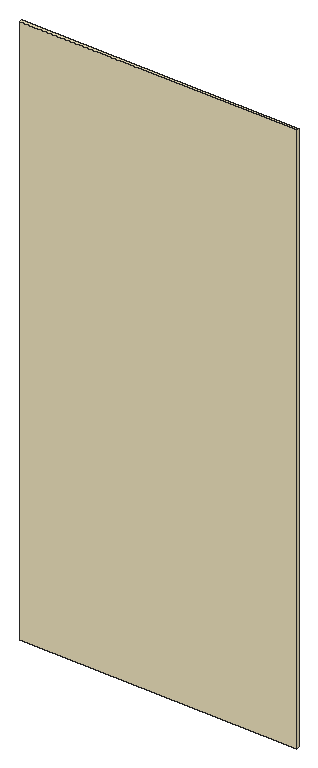
Revit family "American Oak Veneer Circles", category Generic Models, Revit 2017
Family settings
  Can host rebar = No
  Round Connector Dimension = Use Diameter
  Part Type = Normal
  Work Plane-Based = No
  Always vertical = Yes
  Cut with Voids When Loaded = No
  Shared = Yes
  Room Calculation Point = No
Parameters (values of type "2400 x 1200")
  Raw Finish Code = "EX24 AO-CIR"  # constant formula
  Material = none
  URL = "https://www.easycraft.com.au/products/253/expression-series"
  Panel_width = 1200 mm  # constant formula
  Panel_thickness = 10 mm  # constant formula
  Model = "Expression Series - Circles"  # constant formula
  Manufacturer = "Easycraft Australia Pty Ltd ph 07 3906 7200"  # constant formula
  Panel_height = 2400 mm  # constant formula
  Description = "American Oak Veneer"  # constant formula
  Clear Finish Code = "EX24 AO-CIR-CF"  # constant formula
  Assembly Code = ""
Reference planes
  plane 1 "Center (Front/Back)": y = 0
  plane 2: z = 0
  plane 3 "Center (Left/Right)": x = 0
  plane 4 "Panel face": y = -10
  plane 5: z = 2400
Forms (mm)
  Extrusion 1, solid, material "American Oak Veneer"
    sketch origin (0, 0, 0) x (1, 0, 0) y (0, 1, 0)
      loop
        line (0, 0) -> (0, -10) -> (1200, -10) -> (1200, 0) -> (0, 0)
    from 0 to 2400
Lines and regions (mm)
  model lines, style "easycraft expressions pattern"
    curve 1: circle (341.97, -10, 1294.19) r 253.912 normal (0, -1, 0)
    curve 2: circle (680.52, -10, 1648.34) r 221.288 normal (0, -1, 0)
    curve 3: circle (598.12, -10, 430.57) r 213.856 normal (0, -1, 0)
    curve 4: circle (925.01, -10, 1322.83) r 180.794 normal (0, -1, 0)
    curve 5: circle (816.13, -10, 840.4) r 176.893 normal (0, -1, 0)
    curve 6: circle (493.43, -10, 903.62) r 139.799 normal (0, -1, 0)
    curve 7: circle (1010.29, -10, 1826.35) r 139.799 normal (0, -1, 0)
    curve 8: circle (351.75, -10, 1946.22) r 139.799 normal (0, -1, 0)
    curve 9: circle (878.16, -10, 2203.52) r 139.799 normal (0, -1, 0)
    curve 10: circle (344.44, -10, 680.58) r 122.332 normal (0, -1, 0)
    curve 11: arc (796.047, -10, 2400) -> (889.1, -10, 2352.883) -> (982.153, -10, 2400) r 115.447
    curve 12: circle (936.95, -10, 432.06) r 111.864 normal (0, -1, 0)
    curve 13: circle (887.69, -10, 142.73) r 111.669 normal (0, -1, 0)
    curve 14: circle (263.65, -10, 438.99) r 106.653 normal (0, -1, 0)
    curve 15: arc (989.924, -10, 2400) -> (1083.75, -10, 2253.832) -> (1177.576, -10, 2400) r 103.198
    curve 16: circle (1096.1, -10, 2071.56) r 102.885 normal (0, -1, 0)
    curve 17: circle (101.53, -10, 2072.49) r 100.994 normal (0, -1, 0)
    curve 18: circle (350.01, -10, 1684.04) r 100.406 normal (0, -1, 0)
    curve 19: circle (682, -10, 1156.88) r 99.335 normal (0, -1, 0)
    curve 20: circle (249.86, -10, 927.87) r 97.717 normal (0, -1, 0)
    curve 21: circle (809.48, -10, 1960.75) r 87.661 normal (0, -1, 0)
    curve 22: circle (192.19, -10, 2313.52) r 83.468 normal (0, -1, 0)
    curve 23: circle (165.49, -10, 1669.12) r 76.396 normal (0, -1, 0)
    curve 24: circle (989.71, -10, 1031.58) r 71.905 normal (0, -1, 0)
    curve 25: circle (566.08, -10, 2009.8) r 70 normal (0, -1, 0)
    curve 26: circle (990.65, -10, 1577.16) r 69.938 normal (0, -1, 0)
    curve 27: circle (922.46, -10, 615.56) r 66.095 normal (0, -1, 0)
    curve 28: circle (1131.4, -10, 1006.89) r 64.735 normal (0, -1, 0)
    curve 29: circle (256.55, -10, 2146.13) r 61.797 normal (0, -1, 0)
    curve 30: circle (81.46, -10, 1003.36) r 61.666 normal (0, -1, 0)
    curve 31: circle (846.72, -10, 1086.64) r 59.98 normal (0, -1, 0)
    curve 32: circle (528.55, -10, 700.87) r 57.589 normal (0, -1, 0)
    curve 33: circle (707.76, -10, 2082.45) r 57.037 normal (0, -1, 0)
    curve 34: circle (681.91, -10, 160.71) r 52.796 normal (0, -1, 0)
    curve 35: circle (649.49, -10, 1367.19) r 50.736 normal (0, -1, 0)
    curve 36: circle (170.87, -10, 1868.27) r 50.557 normal (0, -1, 0)
    curve 37: circle (942.7, -10, 2015.33) r 49.881 normal (0, -1, 0)
    curve 38: circle (1058.04, -10, 200.43) r 47.277 normal (0, -1, 0)
    curve 39: circle (801.05, -10, 608.12) r 47.345 normal (0, -1, 0)
    curve 40: circle (194.24, -10, 292.7) r 46.093 normal (0, -1, 0)
    curve 41: circle (1074.45, -10, 1127.66) r 44.218 normal (0, -1, 0)
    curve 42: circle (636.89, -10, 690.35) r 44.11 normal (0, -1, 0)
    curve 43: circle (1152.37, -10, 1338.25) r 43.672 normal (0, -1, 0)
    curve 44: circle (240.93, -10, 1788.65) r 43.409 normal (0, -1, 0)
    curve 45: circle (838.13, -10, 300.34) r 41.86 normal (0, -1, 0)
    curve 46: circle (289.01, -10, 277.66) r 41.503 normal (0, -1, 0)
    curve 47: circle (671.43, -10, 1920.79) r 40.827 normal (0, -1, 0)
    curve 48: circle (47.21, -10, 1340.92) r 40.678 normal (0, -1, 0)
    curve 49: circle (196.57, -10, 141.2) r 39.226 normal (0, -1, 0)
    curve 50: circle (183.16, -10, 1542.83) r 38.603 normal (0, -1, 0)
    curve 51: circle (1143.55, -10, 1251.81) r 37.994 normal (0, -1, 0)
    curve 52: circle (364.41, -10, 320.16) r 37.7 normal (0, -1, 0)
    curve 53: circle (452.54, -10, 1793.72) r 37.689 normal (0, -1, 0)
    curve 54: circle (115.57, -10, 1102.8) r 37.174 normal (0, -1, 0)
    curve 55: circle (554.74, -10, 1083.91) r 36.965 normal (0, -1, 0)
    curve 56: circle (1037.12, -10, 926.81) r 36.732 normal (0, -1, 0)
    curve 57: circle (175.09, -10, 1049.81) r 36.307 normal (0, -1, 0)
    curve 58: circle (601.71, -10, 97.02) r 36.004 normal (0, -1, 0)
    curve 59: circle (615.13, -10, 1034.86) r 35.908 normal (0, -1, 0)
    curve 60: circle (40.22, -10, 1257.65) r 35.819 normal (0, -1, 0)
    curve 61: circle (522.4, -10, 1868.69) r 35.685 normal (0, -1, 0)
    curve 62: circle (1076.61, -10, 490.46) r 34.764 normal (0, -1, 0)
    curve 63: circle (126.05, -10, 490.9) r 34.662 normal (0, -1, 0)
    curve 64: circle (233.97, -10, 217.58) r 34.616 normal (0, -1, 0)
    curve 65: circle (218.87, -10, 577.75) r 33.836 normal (0, -1, 0)
    curve 66: circle (590.08, -10, 178.51) r 33.701 normal (0, -1, 0)
    curve 67: circle (689.19, -10, 1018.57) r 32.888 normal (0, -1, 0)
    curve 68: circle (105.86, -10, 1931.78) r 32.488 normal (0, -1, 0)
    curve 69: circle (1079.74, -10, 1653.73) r 31.811 normal (0, -1, 0)
    curve 70: circle (680.25, -10, 49.58) r 31.005 normal (0, -1, 0)
    curve 71: circle (247.38, -10, 1593.37) r 30.93 normal (0, -1, 0)
    curve 72: circle (593.33, -10, 1900.81) r 30.882 normal (0, -1, 0)
    curve 73: circle (165.88, -10, 2195.27) r 30.9 normal (0, -1, 0)
    curve 74: circle (610.16, -10, 767.59) r 30.366 normal (0, -1, 0)
    curve 75: circle (97.11, -10, 1824.77) r 30.288 normal (0, -1, 0)
    curve 76: circle (632.54, -10, 1283.12) r 29.964 normal (0, -1, 0)
    curve 77: circle (707.25, -10, 1292.63) r 29.496 normal (0, -1, 0)
    curve 78: circle (110.95, -10, 1763.52) r 28.123 normal (0, -1, 0)
    curve 79: circle (169.87, -10, 1954.96) r 27.825 normal (0, -1, 0)
    curve 80: circle (722.37, -10, 650.25) r 27.497 normal (0, -1, 0)
    curve 81: circle (102.55, -10, 2223.83) r 27.525 normal (0, -1, 0)
    curve 82: circle (983.15, -10, 288.05) r 27.357 normal (0, -1, 0)
    curve 83: circle (134.37, -10, 228.39) r 27.317 normal (0, -1, 0)
    curve 84: circle (761.84, -10, 1047.63) r 27.161 normal (0, -1, 0)
    curve 85: circle (1146.81, -10, 467.64) r 26.734 normal (0, -1, 0)
    curve 86: circle (436.85, -10, 1569.01) r 26.706 normal (0, -1, 0)
    curve 87: circle (356.12, -10, 1008.63) r 26.326 normal (0, -1, 0)
    curve 88: circle (750.61, -10, 79.43) r 26.195 normal (0, -1, 0)
    curve 89: circle (245.78, -10, 799.65) r 25.192 normal (0, -1, 0)
    curve 90: circle (921.8, -10, 284.91) r 25.088 normal (0, -1, 0)
    curve 91: circle (373.02, -10, 529.53) r 24.727 normal (0, -1, 0)
    curve 92: circle (171.13, -10, 535.65) r 24.446 normal (0, -1, 0)
    curve 93: circle (765.75, -10, 251.44) r 24.193 normal (0, -1, 0)
    curve 94: circle (986.18, -10, 30.69) r 23.972 normal (0, -1, 0)
    curve 95: circle (1102.01, -10, 1199.93) r 24.015 normal (0, -1, 0)
    curve 96: circle (939.89, -10, 1666.89) r 23.925 normal (0, -1, 0)
    curve 97: circle (848.74, -10, 546.8) r 23.193 normal (0, -1, 0)
    curve 98: circle (61.97, -10, 1675.2) r 23.073 normal (0, -1, 0)
    curve 99: circle (725.53, -10, 1395.94) r 22.944 normal (0, -1, 0)
    curve 100: circle (793.28, -10, 28.85) r 22.819 normal (0, -1, 0)
    curve 101: circle (1080.9, -10, 422.27) r 22.756 normal (0, -1, 0)
    curve 102: circle (81.86, -10, 2276.28) r 22.557 normal (0, -1, 0)
    curve 103: arc (751.006, -10, 2400) -> (770.61, -10, 2366.357) -> (790.214, -10, 2400) r 22.533
    curve 104: circle (29.68, -10, 471.39) r 22.365 normal (0, -1, 0)
    curve 105: circle (215.12, -10, 62.74) r 22.164 normal (0, -1, 0)
    curve 106: circle (164.83, -10, 1786.13) r 22.222 normal (0, -1, 0)
    curve 107: circle (1043.46, -10, 320.07) r 21.826 normal (0, -1, 0)
    curve 108: circle (338.48, -10, 835.37) r 21.331 normal (0, -1, 0)
    curve 109: circle (298.54, -10, 1568.95) r 20.463 normal (0, -1, 0)
    curve 110: circle (225.97, -10, 2056.57) r 20.513 normal (0, -1, 0)
    curve 111: circle (87.61, -10, 187.13) r 20.439 normal (0, -1, 0)
    curve 112: circle (805.89, -10, 2352.43) r 20.185 normal (0, -1, 0)
    curve 113: circle (593.79, -10, 1416.95) r 20.047 normal (0, -1, 0)
    curve 114: circle (673.25, -10, 1991.63) r 20 normal (0, -1, 0)
    curve 115: circle (342.67, -10, 2116.96) r 20 normal (0, -1, 0)
    curve 116: circle (758.62, -10, 2336.74) r 20 normal (0, -1, 0)
    curve 117: circle (150.09, -10, 354.56) r 19.585 normal (0, -1, 0)
    curve 118: circle (1059.72, -10, 369.37) r 19.336 normal (0, -1, 0)
    curve 119: circle (1028.66, -10, 119.21) r 19.213 normal (0, -1, 0)
    curve 120: circle (89.08, -10, 443.69) r 19.17 normal (0, -1, 0)
    curve 121: circle (720.77, -10, 1348.26) r 19.07 normal (0, -1, 0)
    curve 122: circle (87.46, -10, 1879.3) r 18.572 normal (0, -1, 0)
    curve 123: circle (80.13, -10, 1720.25) r 18.333 normal (0, -1, 0)
    curve 124: circle (48.03, -10, 1748.84) r 18.021 normal (0, -1, 0)
    curve 125: circle (136.02, -10, 164.58) r 17.393 normal (0, -1, 0)
    curve 126: circle (51.8, -10, 1851.62) r 16.801 normal (0, -1, 0)
    curve 127: circle (295.86, -10, 815.33) r 16.091 normal (0, -1, 0)
    curve 128: circle (233.42, -10, 1044.51) r 16.01 normal (0, -1, 0)
    curve 129: circle (66.07, -10, 1784.49) r 16 normal (0, -1, 0)
    curve 130: circle (135.25, -10, 403.53) r 15.74 normal (0, -1, 0)
    curve 131: circle (97.43, -10, 1165.22) r 15.435 normal (0, -1, 0)
    curve 132: circle (80.01, -10, 1206.6) r 15.148 normal (0, -1, 0)
    curve 133: circle (391.55, -10, 1567.4) r 14.756 normal (0, -1, 0)
    curve 134: circle (758.15, -10, 198.55) r 14.706 normal (0, -1, 0)
    curve 135: circle (735.84, -10, 2369.22) r 14.414 normal (0, -1, 0)
    curve 136: circle (721.42, -10, 229.16) r 14.188 normal (0, -1, 0)
    curve 137: circle (348.15, -10, 1567.01) r 13.383 normal (0, -1, 0)
    curve 138: circle (243.16, -10, 1545.09) r 13.069 normal (0, -1, 0)
    curve 139: arc (714.614, -10, 2400) -> (727.47, -10, 2385.779) -> (740.326, -10, 2400) r 12.921
    curve 140: circle (71.94, -10, 491.58) r 12.291 normal (0, -1, 0)
    curve 141: circle (506.98, -10, 1816.1) r 11.632 normal (0, -1, 0)
    curve 142: circle (473.42, -10, 1847.89) r 11.632 normal (0, -1, 0)
    curve 143: circle (524.31, -10, 1926.24) r 11.632 normal (0, -1, 0)
    curve 144: circle (479.19, -10, 2061.09) r 11.632 normal (0, -1, 0)
    curve 145: circle (138.22, -10, 1809.66) r 9.732 normal (0, -1, 0)
    curve 146: circle (143.48, -10, 1581.54) r 9.25 normal (0, -1, 0)
    curve 147: circle (269.94, -10, 1551.86) r 8.764 normal (0, -1, 0)
    curve 148: circle (53.24, -10, 1714.66) r 6.889 normal (0, -1, 0)
    curve 149: circle (204.45, -10, 1589.28) r 6.78 normal (0, -1, 0)
    curve 150: circle (57.26, -10, 1818.47) r 5.46 normal (0, -1, 0)
    curve 151: arc (1200, -10, 177.875) -> (1074.224, -10, 125.776) -> (1022.125, -10, 0) r 177.875
    curve 152: arc (0, -10, 194.643) -> (124.247, -10, 318.89) -> (0, -10, 443.137) r 124.247
    curve 153: arc (1200, -10, 443.137) -> (1075.753, -10, 318.89) -> (1200, -10, 194.643) r 124.247
    curve 154: arc (177.875, -10, 0) -> (125.776, -10, 125.776) -> (0, -10, 177.875) r 177.875
    curve 155: arc (263.787, -10, -1.44) -> (233.67, -10, 30.841) -> (202.08, -10, 0) r 30.87
    curve 156: arc (686.416, -10, 0) -> (608.57, -10, 32.515) -> (530.724, -10, 0) r 109.445
    curve 157: arc (524.109, -10, 0) -> (400.61, -10, 263.387) -> (277.111, -10, 0) r 160.647
    curve 158: arc (0, -10, 1067.132) -> (78.198, -10, 1145.33) -> (0, -10, 1223.528) r 78.198
    curve 159: arc (1200, -10, 1223.528) -> (1121.802, -10, 1145.33) -> (1200, -10, 1067.132) r 78.198
    curve 160: arc (0, -10, 1662.385) -> (43.485, -10, 1705.87) -> (0, -10, 1749.355) r 43.485
    curve 161: arc (1200, -10, 1749.355) -> (1156.515, -10, 1705.87) -> (1200, -10, 1662.385) r 43.485
    curve 162: arc (0, -10, 1751.946) -> (49.174, -10, 1801.12) -> (0, -10, 1850.294) r 49.174
    curve 163: arc (1200, -10, 1850.294) -> (1150.826, -10, 1801.12) -> (1200, -10, 1751.946) r 49.174
    curve 164: arc (0, -10, 1855.718) -> (69.262, -10, 1924.98) -> (0, -10, 1994.242) r 69.262
    curve 165: arc (1200, -10, 1994.242) -> (1130.738, -10, 1924.98) -> (1200, -10, 1855.718) r 69.262
    curve 166: arc (0, -10, 2154.469) -> (65.531, -10, 2220) -> (0, -10, 2285.531) r 65.531
    curve 167: arc (1200, -10, 2285.531) -> (1134.469, -10, 2220) -> (1200, -10, 2154.469) r 65.531
    curve 168: arc (0, -10, 498.712) -> (221.288, -10, 720) -> (0, -10, 941.288) r 221.288
    curve 169: arc (1200, -10, 941.288) -> (978.712, -10, 720) -> (1200, -10, 498.712) r 221.288
    curve 170: arc (0, -10, 1380.201) -> (139.799, -10, 1520) -> (0, -10, 1659.799) r 139.799
    curve 171: arc (1200, -10, 1659.799) -> (1060.201, -10, 1520) -> (1200, -10, 1380.201) r 139.799
    curve 172: arc (302.394, -10, 2400) -> (504.33, -10, 2088.212) -> (706.266, -10, 2400) r 221.288
    curve 173: arc (248.108, -10, 2400) -> (271.55, -10, 2380.63) -> (294.992, -10, 2400) r 23.87
    curve 174: arc (17.861, -10, 2400) -> (56.23, -10, 2305.003) -> (94.599, -10, 2400) r 55.247
Dimensions and locks
  "Panel_height": plane 5 to plane 2
  "Panel_thickness": plane 4 "Panel face" to plane 1 "Center (Front/Back)"
  "Panel_width": Extrusion 1 to plane 3 "Center (Left/Right)"
  aligned and locked: level to plane 2
  aligned and locked: Extrusion 1 to level
  aligned and locked: plane 4 "Panel face" to Extrusion 1
  aligned and locked: Extrusion 1 to plane 5
Automatic sketch dimensions
  Extrusion 1 sketch curve to plane 3 "Center (Left/Right)" = 0 mm
  plane 4 "Panel face" to Extrusion 1 sketch curve = 0 mm
  plane 1 "Center (Front/Back)" to Extrusion 1 sketch curve = 0 mm
  Extrusion 1 sketch curve to Extrusion 1 sketch curve = 1200 mm
  curve 158 to plane 3 "Center (Left/Right)" = 0 mm
  curve 160 to plane 3 "Center (Left/Right)" = 0 mm
  curve 170 to plane 3 "Center (Left/Right)" = 0 mm
  curve 168 to plane 3 "Center (Left/Right)" = 0 mm
  curve 166 to plane 3 "Center (Left/Right)" = 0 mm
  curve 152 to plane 3 "Center (Left/Right)" = 0 mm
  curve 164 to plane 3 "Center (Left/Right)" = 0 mm
  curve 162 to plane 3 "Center (Left/Right)" = 0 mm
  curve 154 to level = 0 mm
  curve 154 to plane 3 "Center (Left/Right)" = 0 mm
  curve 155 to level = 0 mm
  curve 157 to level = 0 mm  (x2)
  curve 156 to level = 0 mm  (x2)
  curve 151 to level = 0 mm
  plane 3 "Center (Left/Right)" to curve 104 = 29.68 mm
  plane 3 "Center (Left/Right)" to curve 60 = 40.22 mm
  plane 3 "Center (Left/Right)" to curve 48 = 47.21 mm
  plane 3 "Center (Left/Right)" to curve 124 = 48.03 mm
  plane 3 "Center (Left/Right)" to curve 126 = 51.8 mm
  curve 124 to curve 148 = 5.21 mm
  curve 126 to curve 150 = 5.46 mm
  curve 148 to curve 98 = 8.73 mm
  curve 150 to curve 129 = 8.81 mm
  curve 104 to curve 140 = 42.26 mm
  curve 60 to curve 132 = 39.79 mm
  curve 148 to curve 123 = 26.89 mm
  plane 3 "Center (Left/Right)" to curve 30 = 81.46 mm
  plane 3 "Center (Left/Right)" to curve 102 = 81.86 mm
  curve 126 to curve 122 = 35.66 mm
  plane 3 "Center (Left/Right)" to curve 111 = 87.61 mm
  curve 140 to curve 120 = 17.14 mm
  curve 150 to curve 75 = 39.85 mm
  curve 132 to curve 131 = 17.42 mm
  plane 3 "Center (Left/Right)" to curve 17 = 101.53 mm
  curve 102 to curve 81 = 20.69 mm
  curve 122 to curve 68 = 18.4 mm
  curve 129 to curve 78 = 44.88 mm
  curve 131 to curve 54 = 18.14 mm
  curve 140 to curve 63 = 54.11 mm
  curve 111 to curve 83 = 46.76 mm
  curve 120 to curve 130 = 46.17 mm
  curve 111 to curve 125 = 48.41 mm
  curve 75 to curve 145 = 41.11 mm
  curve 98 to curve 146 = 81.51 mm
  curve 130 to curve 117 = 14.84 mm
  curve 145 to curve 106 = 26.61 mm
  curve 146 to curve 23 = 22.01 mm
  curve 81 to curve 73 = 63.33 mm
  curve 68 to curve 79 = 64.01 mm
  curve 145 to curve 36 = 32.65 mm
  curve 63 to curve 92 = 45.08 mm
  curve 54 to curve 57 = 59.52 mm
  curve 146 to curve 50 = 39.68 mm
  curve 102 to curve 22 = 110.33 mm
  curve 117 to curve 40 = 44.15 mm
  curve 125 to curve 49 = 60.55 mm
  curve 50 to curve 149 = 21.29 mm
  curve 49 to curve 105 = 18.55 mm
  curve 92 to curve 65 = 47.74 mm
  curve 79 to curve 110 = 56.1 mm
  curve 155 to level = 0.02 mm
  curve 105 to curve 155 = 17.83 mm
  curve 57 to curve 128 = 58.33 mm
  curve 40 to curve 64 = 39.73 mm
  curve 106 to curve 44 = 76.1 mm
  curve 149 to curve 138 = 38.71 mm
  curve 65 to curve 89 = 26.91 mm
  curve 149 to curve 71 = 42.93 mm
  curve 128 to curve 20 = 16.44 mm
  curve 110 to curve 29 = 30.58 mm
  curve 130 to curve 14 = 128.4 mm
  curve 138 to curve 147 = 26.78 mm
  curve 64 to curve 46 = 55.04 mm
  curve 89 to curve 127 = 50.08 mm
  curve 147 to curve 109 = 28.6 mm
  curve 127 to curve 108 = 42.62 mm
  curve 147 to curve 1 = 72.03 mm
  curve 29 to curve 115 = 86.12 mm
  curve 127 to curve 10 = 48.58 mm
  curve 109 to curve 137 = 49.61 mm
  curve 137 to curve 18 = 1.86 mm
  curve 110 to curve 8 = 125.78 mm
  curve 128 to curve 87 = 122.7 mm
  curve 46 to curve 52 = 75.4 mm
  curve 14 to curve 91 = 109.37 mm
  curve 137 to curve 133 = 43.4 mm
  curve 105 to curve 157 = 185.49 mm
  curve 133 to curve 86 = 45.3 mm
  curve 18 to curve 53 = 102.53 mm
  curve 53 to curve 142 = 20.88 mm
  curve 115 to curve 144 = 136.52 mm
  curve 108 to curve 6 = 154.95 mm
  plane 5 to curve 172 = 90.5 mm
  curve 144 to curve 172 = 25.14 mm
  curve 142 to curve 141 = 33.56 mm
  curve 142 to curve 61 = 48.98 mm
  curve 61 to curve 143 = 1.91 mm
  curve 10 to curve 32 = 184.11 mm
  curve 6 to curve 55 = 61.31 mm
  curve 143 to curve 25 = 41.77 mm
  curve 157 to curve 66 = 189.47 mm
  curve 143 to curve 72 = 69.02 mm
  curve 86 to curve 113 = 156.94 mm
  curve 91 to curve 3 = 225.1 mm
  curve 66 to curve 58 = 11.63 mm
  curve 156 to level = 76.93 mm
  curve 58 to curve 156 = 6.86 mm
  curve 32 to curve 74 = 81.61 mm
  curve 55 to curve 59 = 60.39 mm
  curve 113 to curve 76 = 38.75 mm
  curve 74 to curve 42 = 26.73 mm
  curve 113 to curve 35 = 55.7 mm
  curve 72 to curve 47 = 78.1 mm
  curve 47 to curve 114 = 1.82 mm
  curve 58 to curve 70 = 78.54 mm
  curve 141 to curve 2 = 173.54 mm
  curve 66 to curve 34 = 91.83 mm
  curve 76 to curve 19 = 49.46 mm
  curve 59 to curve 67 = 74.06 mm
  curve 76 to curve 77 = 74.71 mm
  curve 114 to curve 33 = 34.51 mm
  curve 77 to curve 121 = 13.52 mm
  curve 34 to curve 136 = 39.51 mm
  curve 42 to curve 80 = 85.48 mm
  curve 121 to curve 99 = 4.76 mm
  plane 5 to curve 139 = 1.3 mm
  curve 172 to curve 139 = 223.14 mm
  curve 139 to curve 135 = 8.37 mm
  curve 70 to curve 88 = 70.36 mm
  curve 136 to curve 134 = 36.73 mm
  curve 135 to curve 116 = 22.78 mm
  curve 67 to curve 84 = 72.65 mm
  curve 136 to curve 93 = 44.33 mm
  level to curve 100 = 28.85 mm
  curve 88 to curve 100 = 42.67 mm
  curve 80 to curve 39 = 78.68 mm
  curve 116 to curve 112 = 47.27 mm
  curve 114 to curve 21 = 136.23 mm
  curve 80 to curve 5 = 93.76 mm
  curve 93 to curve 45 = 72.38 mm
  curve 84 to curve 31 = 84.88 mm
  curve 39 to curve 97 = 47.69 mm
  curve 112 to curve 9 = 72.27 mm
  curve 134 to curve 13 = 129.54 mm
  curve 11 to plane 5 = 68.33 mm
  curve 45 to curve 90 = 83.67 mm
  curve 97 to curve 27 = 73.72 mm
  curve 121 to curve 4 = 204.24 mm
  curve 97 to curve 12 = 88.21 mm
  curve 2 to curve 96 = 259.37 mm
  curve 21 to curve 37 = 133.22 mm
  curve 90 to curve 82 = 61.35 mm
  level to curve 94 = 30.69 mm
  curve 13 to curve 94 = 98.49 mm
  curve 31 to curve 24 = 142.99 mm
  curve 96 to curve 26 = 50.76 mm
  curve 96 to curve 7 = 70.4 mm
  curve 94 to curve 119 = 42.48 mm
  curve 24 to curve 56 = 47.41 mm
  curve 82 to curve 107 = 60.31 mm
  curve 119 to curve 38 = 29.38 mm
  curve 107 to curve 118 = 16.26 mm
  curve 24 to curve 41 = 84.74 mm
  curve 118 to curve 62 = 16.89 mm
  curve 26 to curve 69 = 89.09 mm
  curve 118 to curve 101 = 21.18 mm
  plane 5 to curve 15 = 42.97 mm
  curve 11 to curve 15 = 194.65 mm
  curve 37 to curve 16 = 153.4 mm
  curve 41 to curve 95 = 27.56 mm
  curve 56 to curve 28 = 94.28 mm
  curve 95 to curve 51 = 41.54 mm
  curve 62 to curve 85 = 70.2 mm
  curve 51 to curve 43 = 8.82 mm
  curve 69 to curve 163 = 120.26 mm
  curve 163 to curve 161 = 0 mm
  curve 95 to curve 159 = 97.99 mm
  curve 15 to curve 167 = 116.25 mm
  curve 118 to curve 153 = 140.28 mm
  curve 85 to curve 169 = 53.19 mm
  curve 153 to curve 151 = 0 mm
  curve 165 to curve 163 = 0 mm
  curve 161 to curve 171 = 0 mm
  level to curve 70 = 49.58 mm
  level to curve 105 = 62.74 mm
  curve 100 to curve 88 = 50.58 mm
  curve 70 to curve 58 = 47.44 mm
  level to curve 157 = 102.74 mm
  curve 94 to curve 119 = 88.52 mm
  curve 105 to curve 49 = 78.46 mm
  level to curve 13 = 142.73 mm
  curve 58 to curve 34 = 63.69 mm
  curve 49 to curve 125 = 23.38 mm
  curve 58 to curve 66 = 81.49 mm
  curve 125 to curve 111 = 22.55 mm
  curve 34 to curve 134 = 37.84 mm
  curve 119 to curve 38 = 81.22 mm
  curve 49 to curve 64 = 76.38 mm
  curve 111 to curve 83 = 41.26 mm
  curve 134 to curve 136 = 30.61 mm
  curve 136 to curve 93 = 22.28 mm
  curve 64 to curve 46 = 60.08 mm
  curve 13 to curve 90 = 142.18 mm
  curve 90 to curve 82 = 3.14 mm
  curve 64 to curve 40 = 75.12 mm
  curve 90 to curve 45 = 15.43 mm
  curve 38 to curve 153 = 118.46 mm
  curve 111 to curve 152 = 131.76 mm
  curve 82 to curve 107 = 32.02 mm
  curve 46 to curve 52 = 42.5 mm
  curve 40 to curve 117 = 61.86 mm
  curve 107 to curve 118 = 49.3 mm
  curve 117 to curve 130 = 48.97 mm
  curve 118 to curve 101 = 52.9 mm
  curve 136 to curve 3 = 201.41 mm
  curve 118 to curve 12 = 62.69 mm
  curve 130 to curve 14 = 35.46 mm
  curve 130 to curve 120 = 40.16 mm
  curve 101 to curve 85 = 45.37 mm
  curve 120 to curve 104 = 27.7 mm
  curve 101 to curve 62 = 68.19 mm
  curve 120 to curve 63 = 47.21 mm
  curve 104 to curve 140 = 20.19 mm
  curve 14 to curve 91 = 90.54 mm
  curve 63 to curve 92 = 44.75 mm
  curve 12 to curve 97 = 114.74 mm
  curve 92 to curve 65 = 42.1 mm
  curve 97 to curve 39 = 61.32 mm
  curve 97 to curve 27 = 68.76 mm
  curve 39 to curve 80 = 42.13 mm
  curve 91 to curve 10 = 151.05 mm
  curve 80 to curve 42 = 40.1 mm
  curve 42 to curve 32 = 10.52 mm
  curve 85 to curve 169 = 252.36 mm
  curve 140 to curve 168 = 228.42 mm
  curve 42 to curve 74 = 77.24 mm
  curve 10 to curve 89 = 119.07 mm
  curve 89 to curve 127 = 15.68 mm
  curve 127 to curve 108 = 20.04 mm
  curve 80 to curve 5 = 190.15 mm
  curve 108 to curve 6 = 68.25 mm
  curve 5 to curve 56 = 86.41 mm
  curve 127 to curve 20 = 112.54 mm
  curve 20 to curve 30 = 75.49 mm
  curve 56 to curve 28 = 80.08 mm
  curve 20 to curve 87 = 80.76 mm
  curve 5 to curve 67 = 178.17 mm
  curve 56 to curve 24 = 104.77 mm
  curve 67 to curve 59 = 16.29 mm
  curve 20 to curve 128 = 116.64 mm
  curve 67 to curve 84 = 29.06 mm
  curve 128 to curve 57 = 5.3 mm
  curve 59 to curve 55 = 49.05 mm
  curve 84 to curve 31 = 39.01 mm
  curve 57 to curve 54 = 52.99 mm
  curve 24 to curve 41 = 96.08 mm
  curve 41 to curve 159 = 17.67 mm
  curve 54 to curve 158 = 42.53 mm
  curve 84 to curve 19 = 109.25 mm
  curve 54 to curve 131 = 62.42 mm
  curve 41 to curve 95 = 72.27 mm
  curve 131 to curve 132 = 41.38 mm
  curve 95 to curve 51 = 51.88 mm
  curve 132 to curve 60 = 51.05 mm
  curve 19 to curve 76 = 126.24 mm
  curve 76 to curve 77 = 9.51 mm
  curve 128 to curve 1 = 249.68 mm
  curve 95 to curve 4 = 122.9 mm
  curve 51 to curve 43 = 86.44 mm
  curve 60 to curve 48 = 83.27 mm
  curve 77 to curve 121 = 55.63 mm
  curve 121 to curve 35 = 18.93 mm
  curve 121 to curve 99 = 47.68 mm
  curve 35 to curve 113 = 49.76 mm
  curve 43 to curve 171 = 181.75 mm
  curve 48 to curve 170 = 179.08 mm
  curve 170 to curve 50 = 22.83 mm
  curve 50 to curve 138 = 2.26 mm
  curve 138 to curve 147 = 6.77 mm
  curve 147 to curve 137 = 15.15 mm
  curve 137 to curve 133 = 0.39 mm
  curve 147 to curve 109 = 17.09 mm
  curve 133 to curve 86 = 1.61 mm
  curve 171 to curve 26 = 57.16 mm
  curve 50 to curve 146 = 38.71 mm
  curve 50 to curve 149 = 46.45 mm
  curve 149 to curve 71 = 4.09 mm
  curve 113 to curve 2 = 231.39 mm
  curve 26 to curve 69 = 76.57 mm
  curve 26 to curve 96 = 89.73 mm
  curve 149 to curve 23 = 79.84 mm
  curve 23 to curve 98 = 6.08 mm
  curve 137 to curve 18 = 117.03 mm
  curve 98 to curve 160 = 30.67 mm
  curve 69 to curve 161 = 52.14 mm
  curve 98 to curve 148 = 39.46 mm
  curve 148 to curve 123 = 5.59 mm
  curve 148 to curve 124 = 34.18 mm
  curve 123 to curve 78 = 43.27 mm
  curve 124 to curve 129 = 35.65 mm
  curve 78 to curve 106 = 22.61 mm
  curve 106 to curve 44 = 2.52 mm
  curve 18 to curve 53 = 109.68 mm
  curve 161 to curve 163 = 95.25 mm
  curve 129 to curve 162 = 16.63 mm
  curve 106 to curve 145 = 23.53 mm
  curve 53 to curve 141 = 22.38 mm
  curve 129 to curve 150 = 33.98 mm
  curve 150 to curve 75 = 6.3 mm
  curve 96 to curve 7 = 159.46 mm
  curve 141 to curve 142 = 31.79 mm
  curve 150 to curve 126 = 33.15 mm
  curve 145 to curve 36 = 58.61 mm
  curve 142 to curve 61 = 20.8 mm
  curve 126 to curve 122 = 27.68 mm
  curve 61 to curve 72 = 32.12 mm
  curve 72 to curve 47 = 19.98 mm
  curve 126 to curve 164 = 73.36 mm
  curve 163 to curve 165 = 123.86 mm
  curve 61 to curve 143 = 57.55 mm
  curve 122 to curve 68 = 52.48 mm
  curve 142 to curve 8 = 98.33 mm
  curve 68 to curve 79 = 23.18 mm
  curve 47 to curve 21 = 39.96 mm
  curve 47 to curve 114 = 70.84 mm
  curve 143 to curve 25 = 83.56 mm
  curve 21 to curve 37 = 54.58 mm
  curve 79 to curve 110 = 101.61 mm
  curve 25 to curve 144 = 51.29 mm
  curve 37 to curve 16 = 56.23 mm
  curve 110 to curve 17 = 15.92 mm
  curve 114 to curve 33 = 90.82 mm
  curve 110 to curve 115 = 60.39 mm
  curve 115 to curve 29 = 29.17 mm
  curve 29 to curve 73 = 49.14 mm
  plane 5 to curve 9 = 196.48 mm
  curve 73 to curve 166 = 24.73 mm
  curve 167 to curve 15 = 137.03 mm
  curve 73 to curve 81 = 28.56 mm
  curve 81 to curve 102 = 52.45 mm
  plane 5 to curve 22 = 86.48 mm
  plane 5 to curve 112 = 47.57 mm
  curve 135 to curve 139 = 29.48 mm
  curve 154 to curve 155 = 55.075 mm
  curve 154 to curve 155 = 24.206 mm
  curve 155 to level = 1.44 mm
  curve 155 to curve 157 = 13.324 mm
  curve 157 to curve 156 = 6.615 mm
  curve 94 to curve 151 = 35.945 mm
  curve 154 to curve 152 = 16.769 mm
  curve 151 to curve 153 = 16.769 mm
  curve 153 to curve 169 = 55.575 mm
  curve 104 to curve 168 = 27.322 mm
  curve 158 to curve 158 = 78.198 mm
  curve 159 to curve 159 = 78.198 mm
  curve 43 to curve 171 = 41.951 mm
  curve 48 to curve 170 = 39.281 mm
  curve 171 to curve 161 = 2.586 mm
  curve 170 to curve 160 = 2.586 mm
  curve 160 to curve 162 = 2.591 mm
  curve 161 to curve 163 = 2.591 mm
  curve 163 to curve 165 = 5.424 mm
  curve 162 to curve 164 = 5.424 mm
  curve 167 to curve 167 = 65.531 mm
  curve 166 to curve 166 = 65.531 mm
  curve 11 to curve 11 = 93.053 mm
  curve 135 to curve 103 = 34.77 mm
  curve 103 to curve 11 = 118.49 mm
  curve 116 to curve 135 = 32.48 mm
  plane 5 to curve 103 = 11.11 mm
  curve 173 to plane 5 = 4.5 mm
  curve 173 to curve 173 = 23.442 mm
  curve 173 to curve 172 = 7.402 mm
  plane 3 "Center (Left/Right)" to curve 174 = 56.23 mm
  plane 5 to curve 174 = 39.75 mm
  plane 3 "Center (Left/Right)" to curve 174 = 17.861 mm
  curve 22 to curve 173 = 79.36 mm
  curve 174 to plane 5 = 0 mm  (x2)
  curve 173 to plane 5 = 0 mm  (x2)
  curve 172 to plane 5 = 0 mm  (x2)
  curve 139 to plane 5 = 0 mm  (x2)
  curve 103 to plane 5 = 0 mm  (x2)
  curve 11 to plane 5 = 0 mm  (x2)
  curve 15 to plane 5 = 0 mm  (x2)
  radius of curve 1 = 253.912 mm
  radius of curve 2 = 221.288 mm
  radius of curve 3 = 213.856 mm
  radius of curve 4 = 180.794 mm
  radius of curve 5 = 176.893 mm
  radius of curve 6 = 139.799 mm
  radius of curve 7 = 139.799 mm
  radius of curve 8 = 139.799 mm
  radius of curve 9 = 139.799 mm
  radius of curve 10 = 122.332 mm
  radius of curve 12 = 111.864 mm
  radius of curve 13 = 111.669 mm
  radius of curve 14 = 106.653 mm
  radius of curve 15 = 103.198 mm
  radius of curve 16 = 102.885 mm
  radius of curve 17 = 100.994 mm
  radius of curve 18 = 100.406 mm
  radius of curve 19 = 99.335 mm
  radius of curve 20 = 97.717 mm
  radius of curve 21 = 87.661 mm
  radius of curve 22 = 83.468 mm
  radius of curve 23 = 76.396 mm
  radius of curve 24 = 71.905 mm
  radius of curve 25 = 70 mm
  radius of curve 26 = 69.938 mm
  radius of curve 27 = 66.095 mm
  radius of curve 28 = 64.735 mm
  radius of curve 29 = 61.797 mm
  radius of curve 30 = 61.666 mm
  radius of curve 31 = 59.98 mm
  radius of curve 32 = 57.589 mm
  radius of curve 33 = 57.037 mm
  radius of curve 34 = 52.796 mm
  radius of curve 35 = 50.736 mm
  radius of curve 36 = 50.557 mm
  radius of curve 37 = 49.881 mm
  radius of curve 38 = 47.277 mm
  radius of curve 39 = 47.345 mm
  radius of curve 40 = 46.093 mm
  radius of curve 41 = 44.218 mm
  radius of curve 42 = 44.11 mm
  radius of curve 43 = 43.672 mm
  radius of curve 44 = 43.409 mm
  radius of curve 45 = 41.86 mm
  radius of curve 46 = 41.503 mm
  radius of curve 47 = 40.827 mm
  radius of curve 48 = 40.678 mm
  radius of curve 49 = 39.226 mm
  radius of curve 50 = 38.603 mm
  radius of curve 51 = 37.994 mm
  radius of curve 52 = 37.7 mm
  radius of curve 53 = 37.689 mm
  radius of curve 54 = 37.174 mm
  radius of curve 55 = 36.965 mm
  radius of curve 56 = 36.732 mm
  radius of curve 57 = 36.307 mm
  radius of curve 58 = 36.004 mm
  radius of curve 59 = 35.908 mm
  radius of curve 60 = 35.819 mm
  radius of curve 61 = 35.685 mm
  radius of curve 62 = 34.764 mm
  radius of curve 63 = 34.662 mm
  radius of curve 64 = 34.616 mm
  radius of curve 65 = 33.836 mm
  radius of curve 66 = 33.701 mm
  radius of curve 67 = 32.888 mm
  radius of curve 68 = 32.488 mm
  radius of curve 69 = 31.811 mm
  radius of curve 70 = 31.005 mm
  radius of curve 71 = 30.93 mm
  radius of curve 72 = 30.882 mm
  radius of curve 73 = 30.9 mm
  radius of curve 74 = 30.366 mm
  radius of curve 75 = 30.288 mm
  radius of curve 76 = 29.964 mm
  radius of curve 77 = 29.496 mm
  radius of curve 78 = 28.123 mm
  radius of curve 79 = 27.825 mm
  radius of curve 80 = 27.497 mm
  radius of curve 81 = 27.525 mm
  radius of curve 82 = 27.357 mm
  radius of curve 83 = 27.317 mm
  radius of curve 84 = 27.161 mm
  radius of curve 85 = 26.734 mm
  radius of curve 86 = 26.706 mm
  radius of curve 87 = 26.326 mm
  radius of curve 88 = 26.195 mm
  radius of curve 89 = 25.192 mm
  radius of curve 90 = 25.088 mm
  radius of curve 91 = 24.727 mm
  radius of curve 92 = 24.446 mm
  radius of curve 93 = 24.193 mm
  radius of curve 94 = 23.972 mm
  radius of curve 95 = 24.015 mm
  radius of curve 96 = 23.925 mm
  radius of curve 97 = 23.193 mm
  radius of curve 98 = 23.073 mm
  radius of curve 99 = 22.944 mm
  radius of curve 100 = 22.819 mm
  radius of curve 101 = 22.756 mm
  radius of curve 102 = 22.557 mm
  radius of curve 103 = 22.533 mm
  radius of curve 104 = 22.365 mm
  radius of curve 105 = 22.164 mm
  radius of curve 106 = 22.222 mm
  radius of curve 107 = 21.826 mm
  radius of curve 108 = 21.331 mm
  radius of curve 109 = 20.463 mm
  radius of curve 110 = 20.513 mm
  radius of curve 111 = 20.439 mm
  radius of curve 112 = 20.185 mm
  radius of curve 113 = 20.047 mm
  radius of curve 114 = 20 mm
  radius of curve 115 = 20 mm
  radius of curve 116 = 20 mm
  radius of curve 117 = 19.585 mm
  radius of curve 118 = 19.336 mm
  radius of curve 119 = 19.213 mm
  radius of curve 120 = 19.17 mm
  radius of curve 121 = 19.07 mm
  radius of curve 122 = 18.572 mm
  radius of curve 123 = 18.333 mm
  radius of curve 124 = 18.021 mm
  radius of curve 125 = 17.393 mm
  radius of curve 126 = 16.801 mm
  radius of curve 127 = 16.091 mm
  radius of curve 128 = 16.01 mm
  radius of curve 129 = 16 mm
  radius of curve 130 = 15.74 mm
  radius of curve 131 = 15.435 mm
  radius of curve 132 = 15.148 mm
  radius of curve 133 = 14.756 mm
  radius of curve 134 = 14.706 mm
  radius of curve 135 = 14.414 mm
  radius of curve 136 = 14.188 mm
  radius of curve 137 = 13.383 mm
  radius of curve 138 = 13.069 mm
  radius of curve 139 = 12.921 mm
  radius of curve 140 = 12.291 mm
  radius of curve 141 = 11.632 mm
  radius of curve 142 = 11.632 mm
  radius of curve 143 = 11.632 mm
  radius of curve 144 = 11.632 mm
  radius of curve 145 = 9.732 mm
  radius of curve 146 = 9.25 mm
  radius of curve 147 = 8.764 mm
  radius of curve 148 = 6.889 mm
  radius of curve 149 = 6.78 mm
  radius of curve 150 = 5.46 mm
